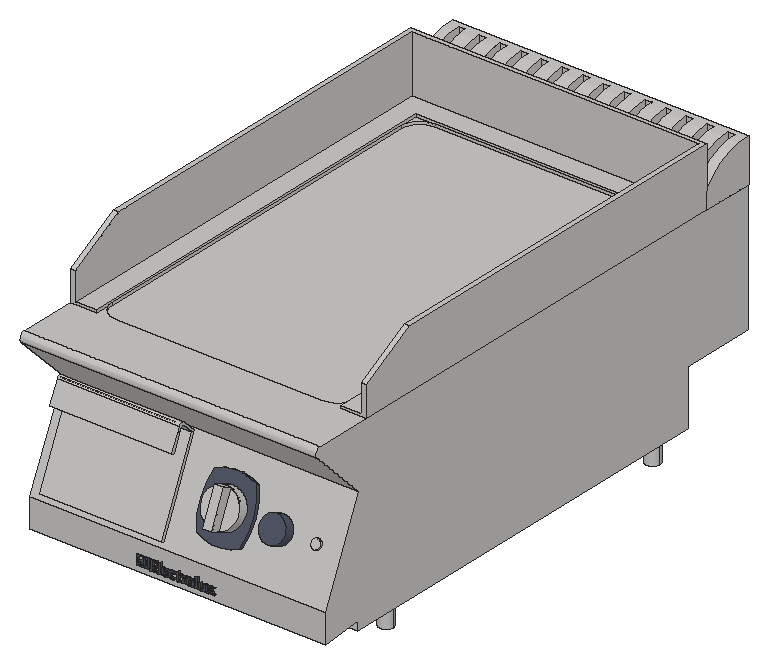
Revit family "QF_ELECTROLUXPROFESSIONAL_371411_E7IIKTAOMCI", category Attrezzature speciali, Revit 2018 (continued)
Automatic sketch dimensions
  plane 1 "BACK" to Extrusion 23 sketch curve = 6.761 mm
  Extrusion 23 sketch curve to plane 4 "RIGHT" = 41.441 mm
  Extrusion 23 sketch curve to Extrusion 23 sketch curve = 9.296 mm
  Extrusion 23 sketch curve to Extrusion 23 sketch curve = 57.15 mm
  Sweep 24 sketch curve to plane 4 "RIGHT" = 35.025 mm
  plane 3 "LEFT" to Sweep 24 sketch curve = 35.025 mm
  Sweep 24 sketch curve to plane 12 = 42.753 mm
  plane 11 to Sweep 24 sketch curve = 47 mm  (x2)
  Sweep 24 sketch curve to plane 10 "TOP A" = 0 mm
  profile plane to Sweep 24 sketch curve = 0 mm
  profile plane to Sweep 24 sketch curve = 28.675 mm
  Sweep 24 sketch curve to Sweep 24 sketch curve = 6.35 mm
  plane 10 "TOP A" to Sweep 24 sketch curve = 3.175 mm
  Extrusion 25 sketch curve to Sweep 24 = 0 mm  (x2)
  Extrusion 25 sketch curve to Extrusion 25 sketch curve = 73.03 mm
  Extrusion 25 sketch curve to Sweep 24 = 40.481 mm
  Sweep 24 to Extrusion 26 sketch curve = 0 mm
  Extrusion 26 sketch curve to Sweep 24 = 0 mm
  Extrusion 26 sketch curve to Extrusion 26 sketch curve = 73.03 mm
  Extrusion 26 sketch curve to Sweep 24 = 40.481 mm
  plane 11 to curve 8 = 21.6 mm
  curve 10 to curve 11 = 25.4 mm
  curve 17 to curve 77 = 0 mm
  curve 76 to curve 77 = 25.4 mm
  curve 15 to curve 15 = 25.4 mm
  plane 7 "Center Y" to Extrusion 27 sketch curve = 17.271 mm
  Extrusion 27 sketch curve to Extrusion 27 sketch curve = 0 mm
  Extrusion 27 sketch curve to Extrusion 27 sketch curve = 12.3 mm  (x3)
  Extrusion 27 sketch curve to Extrusion 27 sketch curve = 34.925 mm  (x2)
  Extrusion 27 sketch curve to plane 7 "Center Y" = 8.456 mm
  Extrusion 27 sketch curve to Extrusion 27 sketch curve = 46.691 mm
  plane 7 "Center Y" to Extrusion 27 sketch curve = 17.889 mm
  Extrusion 27 sketch curve to Extrusion 27 sketch curve = 25.114 mm
  Extrusion 29 sketch curve to Extrusion 29 sketch curve = 24.732 mm
  Extrusion 29 sketch curve to Extrusion 29 sketch curve = 0 mm
  curve 14 to plane 5 "FRONT" = 0 mm
  Extrusion 30 sketch curve to Extrusion 1 = 65.471 mm
  Extrusion 1 to Extrusion 30 sketch curve = 84.881 mm
  Extrusion 31 sketch curve to Extrusion 1 = 65.471 mm
  Extrusion 1 to Extrusion 31 sketch curve = 34.081 mm
  Extrusion 1 sketch curve to plane 10 "TOP A" = 0 mm
  Extrusion 1 sketch curve to plane 9 "BASE" = 0 mm
  Extrusion 1 sketch curve to plane 1 "BACK" = 0 mm
  Extrusion 1 sketch curve to plane 12 = 46.038 mm
  plane 11 to Extrusion 1 sketch curve = 59.531 mm
  plane 9 "BASE" to Extrusion 1 sketch curve = 12.7 mm
  plane 11 to Extrusion 1 sketch curve = 62.516 mm
  Extrusion 1 sketch curve to plane 5 "FRONT" = 16.478 mm
  Extrusion 1 sketch curve to plane 5 "FRONT" = 7.456 mm
  Extrusion 1 sketch curve to plane 5 "FRONT" = 2.239 mm
  plane 9 "BASE" to Extrusion 1 sketch curve = 7.09 mm
  Extrusion 1 sketch curve to Extrusion 1 sketch curve = 38.1 mm
  plane 9 "BASE" to Extrusion 1 sketch curve = 74.612 mm
  Extrusion 1 sketch curve to plane 10 "TOP A" = 83.191 mm
  Extrusion 1 sketch curve to plane 10 "TOP A" = 12.595 mm
  plane 5 "FRONT" to curve 78 = 0 mm
  plane 5 "FRONT" to curve 80 = 0 mm
  plane 3 "LEFT" to curve 78 = 12.7 mm
  curve 80 to plane 7 "Center Y" = 22.225 mm
  plane 5 "FRONT" to curve 80 = 52.387 mm
  radius of Extrusion 3 sketch curve = 9.525 mm  (x4)
  radius of Extrusion 5 sketch curve = 6.35 mm
  radius of Extrusion 28 sketch curve = 25.4 mm
  radius of Extrusion 29 sketch curve to Extrusion 28 = 0 mm  (x2)
  radius of Extrusion 30 sketch curve = 17.78 mm
  radius of Extrusion 31 sketch curve = 6.35 mm
Connectors
  piping at (347.663, -98.425, 57.718), diameter 12.7, driven by "Gas Size"
    settings: on Extrusion 5, index 1, connector inside diameter 1/2", connector length 0 mm, flow factor 0, pipe flow 0 GPM, pressure drop 0.00 psi, fitting loss kfactor 0, connector angle 0.00°, fixture units 0, engagement length 0 mm, angle of deflection 0.00°, flow configuration 1, flow direction 1, fitting loss method 0, system type 7, joint type 0, gender type 0, connector reference index -1, connector utility 0, adjustable connector no, is connector primary yes, connector description "Gas Connection"
Types (2, lengths in mm): name | URL | Modello | Produttore | Gas Size | Descrizione
  (no name) | "www.electrolux.com/foodservice" | "371029" | "ELECTROLUX" | 0" | "700XP Half Module Gas Fry Top, Smooth Plate, Mild Steel"
  Standard | "https://www.electroluxprofessional.com/" | "E7IIKTAOMCI" | "Electrolux Professional" | 1/2" | "GAS FRY TOP-SMOOTH PLATE 400MM-BRUSHED CHROME - QMARK"
